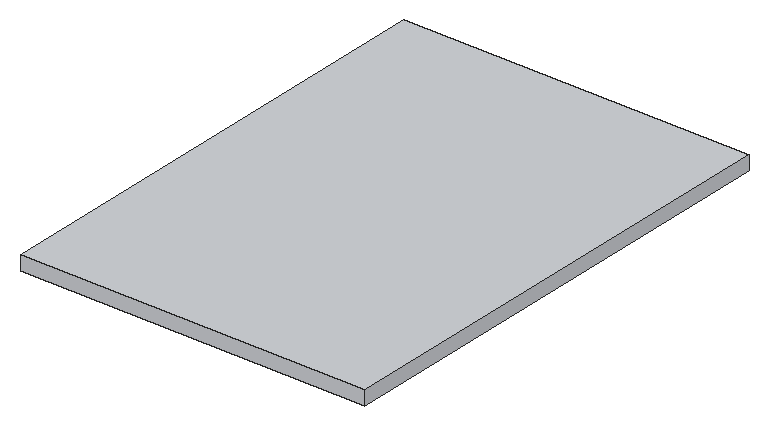
Revit family "MLS3-DI", category Lighting Fixtures, host Face, Revit 2019
Family settings
  Host = Face
  Round Connector Dimension = Use Diameter
  Part Type = Normal
  OmniClass Number = 23.80.70.11
  OmniClass Title = Luminaries for Internal Lighting
  Cut with Voids When Loaded = No
  Light Source = Yes
  Shared = No
  Room Calculation Point = No
Parameters
  Final Hanging Points [instance] = if(Fixture Length > 12' 0", 3, No of Hanging Points)  # 2
  No of Hanging Points [instance] = 2
  Emit from Rectangle Width = 2' - 0"
  Emit from Rectangle Length = 4' - 0"
  Emit Shape Visible in Rendering = no
  Default Elevation [instance] = 4' - 0"
  Cable Suspension [instance] = 2' - 0"
  Wattage Comments = ""
  Wattage = 7.40531 W
  built-in parameter 1150110 = 1 (stored number, unit not read)
  Voltage Comment = "120/277 UNV Volt"
  Voltage [instance] = 120 V
  URL = "https://mercltg.com/product/mls3-di/"
  built-in parameter 1114217 = 1 (stored number, unit not read)
  Tilt Angle = 90.00°
  built-in parameter 1150109 = 1 (stored number, unit not read)
  built-in parameter 1150134 = (empty or 0)
  built-in parameter 1150113 = 1 (stored number, unit not read)
  No of Poles [instance] = 1
  Model = "MLS3-DI"
  Manufacturer = "Mercury Lighting"
  Load Classifcation = Lighting
  Load [instance] = 0 W
  Photometric Web File = "MLS3-DI-48-550-850-35K-ASO-BW-1-2C-U-LLIA001503-011.ies"
  Lumens = 1100 lm
  built-in parameter 1150115 = 1 (stored number, unit not read)
  built-in parameter 1150105 = 87.535 (stored number, unit not read)
  built-in parameter 1150137 = (empty or 0)
  built-in parameter 1150139 = (empty or 0)
  Lens = Acrylic
  built-in parameter 1150112 = 1 (stored number, unit not read)
  built-in parameter 1150114 = 1 (stored number, unit not read)
  Lamp = "LED"
  built-in parameter 1150132 = 2
  built-in parameter 1150102 = (empty or 0)
  built-in parameter 1150138 = (empty or 0)
  built-in parameter 1150107 = 3000 (stored number, unit not read)
  built-in parameter 1150106 = 0.87535 (stored number, unit not read)
  Housing = Metal, Paint Finish, White, Matte
  Fixture Length [instance] = 4' - 0"
  Fixture width = 0' - 3"
  built-in parameter 1150104 = 13.8 (stored number, unit not read)
  Dimming Lamp Color Temperature Shift = (empty or 0)
  Color Filter = 16777215
  built-in parameter 1114218 = 1 (stored number, unit not read)
  built-in parameter 1150133 = 10 (stored number, unit not read)
  Apparent Load = 0 VA
Reference planes (in)
  plane 1 "Light Source Axis (F/B)": y = 0
  plane 2 "Ceiling": z = 0
  plane 3 "Light Source Axis (L/R)": x = 0
  plane 4 "Light Source Elevation": z = -26.5
  plane 5: x = 24
  plane 6: x = -24
  plane 7: x = 23.9375
  plane 8: x = -23.9375
  plane 9: z = -24
  plane 10: x = -23.5
  plane 11: x = 23.5
  plane 12: z = 0
Forms (in)
  Extrusion 1, solid, material "Metal, Paint Finish, White, Matte" <- "Housing"
    sketch origin (0, 0, -2.25) x (0, 1, 0) y (0, 0, 1)
      loop
        line (1.5, -21.75) -> (-1.5, -21.75) -> (-1.5, -25.25) -> (1.5, -25.25) -> (1.5, -21.75)
    from -24 to 24
  Extrusion 2, void
    sketch origin (0, 0, 0) x (0, 1, 0) y (0, 0, 1)
      loop
        line (1.4375, -27.5) -> (1.4375, -26.5) -> (-1.4375, -26.5) -> (-1.4375, -27.5) -> (1.4375, -27.5)
    from -23.9375 to 23.9375
  Extrusion 3, solid, material "Acrylic" <- "Lens"
    sketch origin (0, 0, 0) x (0, 1, 0) y (0, 0, 1)
      loop
        line (1.4375, -27.5) -> (1.4375, -27.375) -> (-1.4375, -27.375) -> (-1.4375, -27.5) -> (1.4375, -27.5)
    from -23.9375 to 23.9375
  Extrusion 4, solid
    sketch origin (0, 0, 0) x (0, 1, 0) y (0, 0, 1)
      loop
        line (-1.4375, -24) -> (-1.4375, -26.5) -> (1.4375, -26.5) -> (1.4375, -24) -> (-1.4375, -24)
    from -23.9375 to 23.9375
  Extrusion 5, solid, material "Acrylic" <- "Lens"
    sketch origin (0, 0, 0) x (0, 1, 0) y (0, 0, 1)
      loop
        line (-1.4375, -24) -> (-1.4375, -24.125) -> (1.4375, -24.125) -> (1.4375, -24) -> (-1.4375, -24)
    from -23.9375 to 23.9375
  Extrusion 6, solid
    sketch origin (0, 0, 0) x (1, 0, 0) y (0, 1, 0)
      loop
        line (-148, -206) -> (148, -206) -> (148, 206) -> (-148, 206) -> (-148, -206)
    from 0 to 12
Cuts and joins
  Extrusion 2 cuts Extrusion 1
Dimensions and locks (in)
  equal spacing: Extrusion 1 sketch curve, imposter light, Extrusion 1 sketch curve
  "Fixture width": Extrusion 1 sketch curve to Extrusion 1 sketch curve
  locked: Extrusion 1 sketch curve to Extrusion 1 sketch curve at 3.5
  equal spacing: plane 5, plane 3 "Light Source Axis (L/R)", plane 6
  "Fixture Length": plane 5 to plane 6
  locked: plane 8 to plane 6 at 0.0625
  locked: plane 7 to plane 5 at 0.0625
  locked: cut or joined group of Extrusion 1, Extrusion 2 to Extrusion 2 sketch curve at 0.0625  (x2)
  locked: Extrusion 2 sketch curve to Extrusion 2 sketch curve at 1
  locked: Extrusion 3 sketch curve to Extrusion 3 sketch curve at 0.125
  "Cable Suspension": plane 2 "Ceiling" to plane 9
  plane 9 to plane 4 "Light Source Elevation" to Extrusion 3 = 0' - 2 1/2" locked, 0' - 0 7/8" locked
  locked: plane 10 to plane 6 at 0.5
  locked: plane 5 to plane 11 at 0.5
  locked: Extrusion 5 sketch curve to Extrusion 5 sketch curve at 0.125
  group 1 to group 2 = 3' - 11"
  group 1 to group 2 = 0' - 0"  (x2)
  aligned and locked: plane 3 "Light Source Axis (L/R)" to imposter light
  aligned and locked: plane 1 "Light Source Axis (F/B)" to imposter light
  aligned and locked: plane 4 "Light Source Elevation" to imposter light
  aligned and locked: plane 5 to Extrusion 1
  aligned and locked: Extrusion 1 to plane 6
  aligned and locked: plane 7 to Extrusion 2
  aligned and locked: Extrusion 2 to plane 8
  aligned and locked: plane 7 to Extrusion 3
  aligned and locked: Extrusion 3 to plane 8
  aligned and locked: cut or joined group of Extrusion 1, Extrusion 2 to Extrusion 2 sketch curve
  aligned and locked: cut or joined group of Extrusion 1, Extrusion 2 to Extrusion 3 sketch curve
  aligned and locked: imposter light to cut or joined group of Extrusion 1, Extrusion 2
  aligned and locked: Extrusion 3 sketch curve to cut or joined group of Extrusion 1, Extrusion 2  (x2)
  aligned and locked: plane 1 "Light Source Axis (F/B)" to nested 1
  aligned and locked: plane 10 to nested 1
  aligned and locked: plane 7 to Extrusion 4
  aligned and locked: Extrusion 4 to plane 8
  aligned and locked: Extrusion 4 sketch curve to cut or joined group of Extrusion 1, Extrusion 2
  aligned and locked: cut or joined group of Extrusion 1, Extrusion 2 to Extrusion 4 sketch curve
  aligned and locked: Extrusion 4 sketch curve to plane 9
  aligned and locked: Extrusion 4 sketch curve to plane 4 "Light Source Elevation"
  aligned and locked: Extrusion 5 sketch curve to Extrusion 4  (x3)
  aligned and locked: plane 7 to Extrusion 5
  aligned and locked: Extrusion 5 to plane 8
  aligned and locked: cut or joined group of Extrusion 1, Extrusion 2 to nested 1
  aligned and locked: plane 11 to nested 2
Automatic sketch dimensions
  Extrusion 6 sketch curve to Extrusion 6 sketch curve = 24' - 8"
  Extrusion 6 sketch curve to Extrusion 6 sketch curve = 34' - 4"
  plane 9 to Extrusion 1 sketch curve = 0' - 0"
Nested families (in)
  nested 1: "Round Canopy" at (-23.5, 0, 0), Cord Height <- "Cable Suspension", type "Round Canopy"
    with Default Elevation 4' - 0", Cord Height 2' - 0", Canopy Width 0' - 1"
  nested 2: "Round Canopy" at (23.5, 0, 0), Cord Height <- "Cable Suspension", type "Round Canopy"
    with Default Elevation 4' - 0", Cord Height 2' - 0", Canopy Width 0' - 1"
Connectors (in)
  electrical at (-23.5, 0, 0), driven by "No of Poles", driven by "Load Classifcation", driven by "Voltage", driven by "Load"
    settings: on nested 1, index 1, voltage 120 V, apparent load 0 VA, apparent load phase1 0 VA, apparent load phase2 0 VA, apparent load phase3 0 VA, power factor 1, load classification "Lighting", number of poles 1, system type 31, power factor state 1, is connector primary yes, connector utility no, sub classification motor no, connector description ""
Definition of nested family "Round Canopy"
  Parameters (values of type "Round Canopy")
    Default Elevation [instance] = 4' - 0"
    Cord Height [instance] = 1' - 0"
    Canopy Width [instance] = 0' - 1"
  Reference planes (in)
    plane 1 "Center (Front/Back)": y = 0
    plane 2 "Ceiling": z = 0
    plane 3 "Center (Left/Right)": x = 0
    plane 4: z = 0
  Forms (in)
    Revolve 1, solid
      sketch origin (0, 0, 0) x (1, 0, 0) y (0, 0, 1)
        loop
          line (0.1679, -12) -> (0.1679, -10.8) -> (0.03125, -10.8) -> (0.03125, -1.57425) -> (0.20625, -1.57425) -> (0.20625, -0.37425) -> (1, -0.37425) -> (1, 0) -> (0, 0) -> (0, -12) -> (0.1679, -12)
        axis (0, 0) -> (0, -12)
      angle from 0 to 360
    Extrusion 2, solid
      sketch origin (0, 0, 0) x (1, 0, 0) y (0, 1, 0)
        loop
          line (-60, -60) -> (60, -60) -> (60, 60) -> (-60, 60) -> (-60, -60)
      from 0 to 12
  Dimensions and locks (in)
    Revolve 1 sketch curve to Revolve 1 sketch curve to Revolve 1 sketch curve = 0' - 0.13665" locked, 0' - 0 1/32" locked
    locked: Revolve 1 sketch curve to Revolve 1 sketch curve at 1.2  (x2)
    locked: Revolve 1 sketch curve to Revolve 1 sketch curve at 0.175
    locked: Revolve 1 sketch curve to Revolve 1 sketch curve at 0.37425
    "Cord Height": Revolve 1 to Revolve 1
    "Canopy Width": Revolve 1 sketch curve to Revolve 1 sketch curve
    aligned and locked: Revolve 1 sketch curve to plane 3 "Center (Left/Right)"
  Automatic sketch dimensions
    Revolve 1 sketch curve to plane 2 "Ceiling" = 0' - 0"  (x2)
    Revolve 1 sketch curve to plane 3 "Center (Left/Right)" = 0' - 0"
    Revolve 1 sketch curve to Revolve 1 sketch curve = 0' - 9.22575"
    Revolve 1 sketch curve to Revolve 1 sketch curve = 0' - 10.47575"
    Extrusion 2 sketch curve to Extrusion 2 sketch curve = 10' - 0"  (x2)
